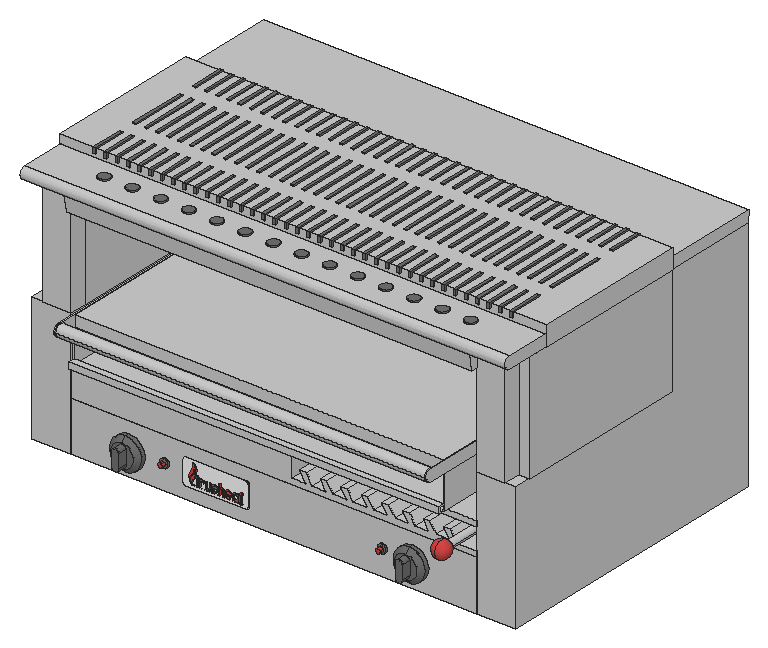
Revit family "QF_COMCATER ALL BRANDS_S86", category Specialty Equipment, Revit 2014
Parameters (values of type "S86_LPG")
  URL Cutsheet = ""
  URL = ""
  Type Comments = "The Australian owned and designed* Trueheat RC Series of Gas Cooking Equipment has been developed for the restaurant and cafe market with a high quality finish, designed to fulfill the busy demands within a commercial kitchen.\r\nThe S86 is a gas heated, heavy duty salamander with fully adjustable height cooking shelf. Two powerful 14MJ high speed gas burners radiate intense heat, which seals in the natural flavours to leave a grilled appearance on steaks, chicken, seafood and vegetable."
  Status [instance] = ""
  Specification by User [instance] = ""
  Specification by Manufacturer [instance] = ""
  Seismic Rating = ""
  SMACNA No = ""
  Revision Code [instance] = ""
  Nominal Gas power = 6200 W
  NAFEM Spec ID Number = ""
  Model = "S86"
  Mechanical Connection Type [instance] = " "
  Masterspec = ""
  Manufacturer = "TRUEHEAT"
  Length Actual = 860 mm
  Item Number [instance] = ""
  Installed By [instance] = ""
  Identify Quantity as Lot [instance] = no
  Height Actual = 440 mm
  Gas power kW = 6.2
  Gas Size Flexible = 0 mm
  Gas Size = 19.05 mm
  Gas RI Height [instance] = 0 mm
  Gas Flow = 0.0 L/s
  Gas Connection Height [instance] = 45 mm
  Furnished By [instance] = ""
  Foodservice Equipment Identifier [instance] = yes
  Description = "GAS SALAMANDER"
  Depth Actual = 515 mm
  CSI MasterFormat = ""
  BTUH = 6200 W
  Assembly Code = "E1090320"
  Accessory = no
Reference planes
  plane 1 "Center (Front/Back)": y = 0
  plane 2: z = 0
  plane 3 "Center (Left/Right)": x = 0
Forms (mm)
  Extrusion 1, solid
    sketch origin (560, 0, 45) x (1, 0, 0) y (0, 1, 0)
      loop
        line (0, 0) -> (2, 0) -> (2, 2) -> (0, 2) -> (0, 0)
    from 0 to 2
Dimensions and locks
  aligned and locked: level to plane 2
Nested families
  nested 1: "QF_COMCATER ALL BRANDS_S86_Natural Gas" at (0, 0, 0), type "S86_Natural Gas"
    with Show Logo yes, Show Clearance yes
Connectors
  piping at (561, 2, 46), diameter 19.05, driven by "Gas Size", driven by "Gas Flow"
    settings: on Extrusion 1, index 1, connector inside diameter 609.6 mm, connector length 0 mm, flow factor 0, pipe flow 0.0 L/s, pressure drop 0.0 Pa, fitting loss kfactor 0, connector angle 0.00°, fixture units 0, engagement length 0 mm, angle of deflection 0.00°, flow configuration 1, flow direction 1, fitting loss method 0, system type 22, joint type 0, gender type 0, connector reference index -1, connector utility 0, adjustable connector no, is connector primary yes, connector description "Gas connection for 'S86'"
Definition of nested family "QF_COMCATER ALL BRANDS_S86_Natural Gas"
  Parameters (values of type "S86_Natural Gas")
    URL = "www.comcater.com.au"
    Show Logo [instance] = yes
    Show Clearance [instance] = yes
    Model = "S86"
    Manufacturer = "TRUEHEAT"
    Description = "GAS SALAMANDER"
    Assembly Code = "E1090320"
  Reference planes
    plane 1 "Back": y = 0
    plane 2: z = 0
    plane 3 "Left": x = 0
    plane 4 "Right": x = 900
    plane 5 "Front": y = -515
    plane 6 "Top": z = 440
  Forms (mm)
    Extrusion 1, solid
      sketch origin (-160, -35, 0) x (0, 1, 0) y (0, 0, 1)
        loop
          line (-515, 0) -> (0, 0) -> (0, 420) -> (-170, 420) -> (-170, 225) -> (-515, 225) -> (-515, 0)
      from 180 to 250
    Extrusion 2, solid
      sketch origin (630, -35, 0) x (0, 1, 0) y (0, 0, 1)
        loop
          line (-515, 0) -> (0, 0) -> (0, 420) -> (-170, 420) -> (-170, 225) -> (-515, 225) -> (-515, 0)
      from 180 to 250
    Extrusion 3, solid
      sketch origin (20, -35, 0) x (0, 1, 0) y (0, 0, 1)
        loop
          line (-515, 90) -> (-515, 0) -> (0, 0) -> (0, 420) -> (-170, 420) -> (-170, 90) -> (-515, 90)
      from 790 to 70
    Extrusion 4, solid
      sketch origin (-280, -25, 45) x (1, 0, 0) y (0, 0, 1)
        loop
          circle (860, 0) r 9.3
      from 0 to 10
    Extrusion 5, solid
      sketch origin (20, -35, 0) x (0, 1, 0) y (0, 0, 1)
        loop
          line (0, 440) -> (-530, 440)
          arc (-530, 440) -> (-540, 430) -> (-530, 420) r 10
          line (-530, 420) -> (0, 420) -> (0, 440)
      from 0 to 860
    Extrusion 6, solid
      sketch origin (77.5, -34, -1) x (0, 1, 0) y (0, 0, 1)
        loop
          line (-450, 447.5) -> (-450, 455) -> (-392.5, 455) -> (-392.5, 457) -> (-452, 457) -> (-452, 447.5) -> (-450, 447.5)
      from 0 to 5
    Extrusion 7, solid
      sketch origin (97.5, -34, -1) x (0, 1, 0) y (0, 0, 1)
        loop
          line (-450, 447.5) -> (-450, 455) -> (-392.5, 455) -> (-392.5, 457) -> (-452, 457) -> (-452, 447.5) -> (-450, 447.5)
      from 0 to 5
    Extrusion 8, solid
      sketch origin (117.5, -34, -1) x (0, 1, 0) y (0, 0, 1)
        loop
          line (-450, 447.5) -> (-450, 455) -> (-392.5, 455) -> (-392.5, 457) -> (-452, 457) -> (-452, 447.5) -> (-450, 447.5)
      from 0 to 5
    Extrusion 9, solid
      sketch origin (137.5, -34, -1) x (0, 1, 0) y (0, 0, 1)
        loop
          line (-450, 447.5) -> (-450, 455) -> (-392.5, 455) -> (-392.5, 457) -> (-452, 457) -> (-452, 447.5) -> (-450, 447.5)
      from 0 to 5
    Extrusion 10, solid
      sketch origin (157.5, -34, -1) x (0, 1, 0) y (0, 0, 1)
        loop
          line (-450, 447.5) -> (-450, 455) -> (-392.5, 455) -> (-392.5, 457) -> (-452, 457) -> (-452, 447.5) -> (-450, 447.5)
      from 0 to 5
    Extrusion 11, solid
      sketch origin (177.5, -34, -1) x (0, 1, 0) y (0, 0, 1)
        loop
          line (-450, 447.5) -> (-450, 455) -> (-392.5, 455) -> (-392.5, 457) -> (-452, 457) -> (-452, 447.5) -> (-450, 447.5)
      from 0 to 5
    Extrusion 12, solid
      sketch origin (197.5, -34, -1) x (0, 1, 0) y (0, 0, 1)
        loop
          line (-450, 447.5) -> (-450, 455) -> (-392.5, 455) -> (-392.5, 457) -> (-452, 457) -> (-452, 447.5) -> (-450, 447.5)
      from 0 to 5
    Extrusion 13, solid
      sketch origin (217.5, -34, -1) x (0, 1, 0) y (0, 0, 1)
        loop
          line (-450, 447.5) -> (-450, 455) -> (-392.5, 455) -> (-392.5, 457) -> (-452, 457) -> (-452, 447.5) -> (-450, 447.5)
      from 0 to 5
    Extrusion 14, solid
      sketch origin (237.5, -34, -1) x (0, 1, 0) y (0, 0, 1)
        loop
          line (-450, 447.5) -> (-450, 455) -> (-392.5, 455) -> (-392.5, 457) -> (-452, 457) -> (-452, 447.5) -> (-450, 447.5)
      from 0 to 5
    Extrusion 15, solid
      sketch origin (257.5, -34, -1) x (0, 1, 0) y (0, 0, 1)
        loop
          line (-450, 447.5) -> (-450, 455) -> (-392.5, 455) -> (-392.5, 457) -> (-452, 457) -> (-452, 447.5) -> (-450, 447.5)
      from 0 to 5
    Extrusion 16, solid
      sketch origin (277.5, -34, -1) x (0, 1, 0) y (0, 0, 1)
        loop
          line (-450, 447.5) -> (-450, 455) -> (-392.5, 455) -> (-392.5, 457) -> (-452, 457) -> (-452, 447.5) -> (-450, 447.5)
      from 0 to 5
    Extrusion 17, solid
      sketch origin (297.5, -34, -1) x (0, 1, 0) y (0, 0, 1)
        loop
          line (-450, 447.5) -> (-450, 455) -> (-392.5, 455) -> (-392.5, 457) -> (-452, 457) -> (-452, 447.5) -> (-450, 447.5)
      from 0 to 5
    Extrusion 18, solid
      sketch origin (317.5, -34, -1) x (0, 1, 0) y (0, 0, 1)
        loop
          line (-450, 447.5) -> (-450, 455) -> (-392.5, 455) -> (-392.5, 457) -> (-452, 457) -> (-452, 447.5) -> (-450, 447.5)
      from 0 to 5
    Extrusion 19, solid
      sketch origin (337.5, -34, -1) x (0, 1, 0) y (0, 0, 1)
        loop
          line (-450, 447.5) -> (-450, 455) -> (-392.5, 455) -> (-392.5, 457) -> (-452, 457) -> (-452, 447.5) -> (-450, 447.5)
      from 0 to 5
    Extrusion 20, solid
      sketch origin (357.5, -34, -1) x (0, 1, 0) y (0, 0, 1)
        loop
          line (-450, 447.5) -> (-450, 455) -> (-392.5, 455) -> (-392.5, 457) -> (-452, 457) -> (-452, 447.5) -> (-450, 447.5)
      from 0 to 5
    Extrusion 21, solid
      sketch origin (377.5, -34, -1) x (0, 1, 0) y (0, 0, 1)
        loop
          line (-450, 447.5) -> (-450, 455) -> (-392.5, 455) -> (-392.5, 457) -> (-452, 457) -> (-452, 447.5) -> (-450, 447.5)
      from 0 to 5
    Extrusion 22, solid
      sketch origin (397.5, -34, -1) x (0, 1, 0) y (0, 0, 1)
        loop
          line (-450, 447.5) -> (-450, 455) -> (-392.5, 455) -> (-392.5, 457) -> (-452, 457) -> (-452, 447.5) -> (-450, 447.5)
      from 0 to 5
    Extrusion 23, solid
      sketch origin (417.5, -34, -1) x (0, 1, 0) y (0, 0, 1)
        loop
          line (-450, 447.5) -> (-450, 455) -> (-392.5, 455) -> (-392.5, 457) -> (-452, 457) -> (-452, 447.5) -> (-450, 447.5)
      from 0 to 5
    Extrusion 24, solid
      sketch origin (437.5, -34, -1) x (0, 1, 0) y (0, 0, 1)
        loop
          line (-450, 447.5) -> (-450, 455) -> (-392.5, 455) -> (-392.5, 457) -> (-452, 457) -> (-452, 447.5) -> (-450, 447.5)
      from 0 to 5
    Extrusion 25, solid
      sketch origin (457.5, -34, -1) x (0, 1, 0) y (0, 0, 1)
        loop
          line (-450, 447.5) -> (-450, 455) -> (-392.5, 455) -> (-392.5, 457) -> (-452, 457) -> (-452, 447.5) -> (-450, 447.5)
      from 0 to 5
    Extrusion 26, solid
      sketch origin (477.5, -34, -1) x (0, 1, 0) y (0, 0, 1)
        loop
          line (-450, 447.5) -> (-450, 455) -> (-392.5, 455) -> (-392.5, 457) -> (-452, 457) -> (-452, 447.5) -> (-450, 447.5)
      from 0 to 5
    Extrusion 27, solid
      sketch origin (497.5, -34, -1) x (0, 1, 0) y (0, 0, 1)
        loop
          line (-450, 447.5) -> (-450, 455) -> (-392.5, 455) -> (-392.5, 457) -> (-452, 457) -> (-452, 447.5) -> (-450, 447.5)
      from 0 to 5
    Extrusion 28, solid
      sketch origin (517.5, -34, -1) x (0, 1, 0) y (0, 0, 1)
        loop
          line (-450, 447.5) -> (-450, 455) -> (-392.5, 455) -> (-392.5, 457) -> (-452, 457) -> (-452, 447.5) -> (-450, 447.5)
      from 0 to 5
    Extrusion 29, solid
      sketch origin (537.5, -34, -1) x (0, 1, 0) y (0, 0, 1)
        loop
          line (-450, 447.5) -> (-450, 455) -> (-392.5, 455) -> (-392.5, 457) -> (-452, 457) -> (-452, 447.5) -> (-450, 447.5)
      from 0 to 5
    Extrusion 30, solid
      sketch origin (557.5, -34, -1) x (0, 1, 0) y (0, 0, 1)
        loop
          line (-450, 447.5) -> (-450, 455) -> (-392.5, 455) -> (-392.5, 457) -> (-452, 457) -> (-452, 447.5) -> (-450, 447.5)
      from 0 to 5
    Extrusion 31, solid
      sketch origin (577.5, -34, -1) x (0, 1, 0) y (0, 0, 1)
        loop
          line (-450, 447.5) -> (-450, 455) -> (-392.5, 455) -> (-392.5, 457) -> (-452, 457) -> (-452, 447.5) -> (-450, 447.5)
      from 0 to 5
    Extrusion 32, solid
      sketch origin (597.5, -34, -1) x (0, 1, 0) y (0, 0, 1)
        loop
          line (-450, 447.5) -> (-450, 455) -> (-392.5, 455) -> (-392.5, 457) -> (-452, 457) -> (-452, 447.5) -> (-450, 447.5)
      from 0 to 5
    Extrusion 33, solid
      sketch origin (617.5, -34, -1) x (0, 1, 0) y (0, 0, 1)
        loop
          line (-450, 447.5) -> (-450, 455) -> (-392.5, 455) -> (-392.5, 457) -> (-452, 457) -> (-452, 447.5) -> (-450, 447.5)
      from 0 to 5
    Extrusion 34, solid
      sketch origin (637.5, -34, -1) x (0, 1, 0) y (0, 0, 1)
        loop
          line (-450, 447.5) -> (-450, 455) -> (-392.5, 455) -> (-392.5, 457) -> (-452, 457) -> (-452, 447.5) -> (-450, 447.5)
      from 0 to 5
    Extrusion 35, solid
      sketch origin (657.5, -34, -1) x (0, 1, 0) y (0, 0, 1)
        loop
          line (-450, 447.5) -> (-450, 455) -> (-392.5, 455) -> (-392.5, 457) -> (-452, 457) -> (-452, 447.5) -> (-450, 447.5)
      from 0 to 5
    Extrusion 36, solid
      sketch origin (677.5, -34, -1) x (0, 1, 0) y (0, 0, 1)
        loop
          line (-450, 447.5) -> (-450, 455) -> (-392.5, 455) -> (-392.5, 457) -> (-452, 457) -> (-452, 447.5) -> (-450, 447.5)
      from 0 to 5
    Extrusion 37, solid
      sketch origin (697.5, -34, -1) x (0, 1, 0) y (0, 0, 1)
        loop
          line (-450, 447.5) -> (-450, 455) -> (-392.5, 455) -> (-392.5, 457) -> (-452, 457) -> (-452, 447.5) -> (-450, 447.5)
      from 0 to 5
    Extrusion 38, solid
      sketch origin (717.5, -34, -1) x (0, 1, 0) y (0, 0, 1)
        loop
          line (-450, 447.5) -> (-450, 455) -> (-392.5, 455) -> (-392.5, 457) -> (-452, 457) -> (-452, 447.5) -> (-450, 447.5)
      from 0 to 5
    Extrusion 39, solid
      sketch origin (737.5, -34, -1) x (0, 1, 0) y (0, 0, 1)
        loop
          line (-450, 447.5) -> (-450, 455) -> (-392.5, 455) -> (-392.5, 457) -> (-452, 457) -> (-452, 447.5) -> (-450, 447.5)
      from 0 to 5
    Extrusion 40, solid
      sketch origin (757.5, -34, -1) x (0, 1, 0) y (0, 0, 1)
        loop
          line (-450, 447.5) -> (-450, 455) -> (-392.5, 455) -> (-392.5, 457) -> (-452, 457) -> (-452, 447.5) -> (-450, 447.5)
      from 0 to 5
    Extrusion 41, solid
      sketch origin (777.5, -34, -1) x (0, 1, 0) y (0, 0, 1)
        loop
          line (-450, 447.5) -> (-450, 455) -> (-392.5, 455) -> (-392.5, 457) -> (-452, 457) -> (-452, 447.5) -> (-450, 447.5)
      from 0 to 5
    Extrusion 42, solid
      sketch origin (797.5, -34, -1) x (0, 1, 0) y (0, 0, 1)
        loop
          line (-450, 447.5) -> (-450, 455) -> (-392.5, 455) -> (-392.5, 457) -> (-452, 457) -> (-452, 447.5) -> (-450, 447.5)
      from 0 to 5
    Extrusion 43, solid
      sketch origin (817.5, -34, -1) x (0, 1, 0) y (0, 0, 1)
        loop
          line (-450, 447.5) -> (-450, 455) -> (-392.5, 455) -> (-392.5, 457) -> (-452, 457) -> (-452, 447.5) -> (-450, 447.5)
      from 0 to 5
    Extrusion 44, solid
      sketch origin (77.5, -656, -1) x (0, -1, 0) y (0, 0, -1)
        loop
          line (-450, -447.5) -> (-452, -447.5) -> (-452, -457) -> (-392.5, -457) -> (-392.5, -455) -> (-450, -455) -> (-450, -447.5)
      from 0 to 5
    Extrusion 45, solid
      sketch origin (97.5, -656, -1) x (0, -1, 0) y (0, 0, -1)
        loop
          line (-450, -447.5) -> (-452, -447.5) -> (-452, -457) -> (-392.5, -457) -> (-392.5, -455) -> (-450, -455) -> (-450, -447.5)
      from 0 to 5
    Extrusion 46, solid
      sketch origin (117.5, -656, -1) x (0, -1, 0) y (0, 0, -1)
        loop
          line (-450, -447.5) -> (-452, -447.5) -> (-452, -457) -> (-392.5, -457) -> (-392.5, -455) -> (-450, -455) -> (-450, -447.5)
      from 0 to 5
    Extrusion 47, solid
      sketch origin (137.5, -656, -1) x (0, -1, 0) y (0, 0, -1)
        loop
          line (-450, -447.5) -> (-452, -447.5) -> (-452, -457) -> (-392.5, -457) -> (-392.5, -455) -> (-450, -455) -> (-450, -447.5)
      from 0 to 5
    Extrusion 48, solid
      sketch origin (157.5, -656, -1) x (0, -1, 0) y (0, 0, -1)
        loop
          line (-450, -447.5) -> (-452, -447.5) -> (-452, -457) -> (-392.5, -457) -> (-392.5, -455) -> (-450, -455) -> (-450, -447.5)
      from 0 to 5
    Extrusion 49, solid
      sketch origin (177.5, -656, -1) x (0, -1, 0) y (0, 0, -1)
        loop
          line (-450, -447.5) -> (-452, -447.5) -> (-452, -457) -> (-392.5, -457) -> (-392.5, -455) -> (-450, -455) -> (-450, -447.5)
      from 0 to 5
    Extrusion 50, solid
      sketch origin (197.5, -656, -1) x (0, -1, 0) y (0, 0, -1)
        loop
          line (-450, -447.5) -> (-452, -447.5) -> (-452, -457) -> (-392.5, -457) -> (-392.5, -455) -> (-450, -455) -> (-450, -447.5)
      from 0 to 5
    Extrusion 51, solid
      sketch origin (217.5, -656, -1) x (0, -1, 0) y (0, 0, -1)
        loop
          line (-450, -447.5) -> (-452, -447.5) -> (-452, -457) -> (-392.5, -457) -> (-392.5, -455) -> (-450, -455) -> (-450, -447.5)
      from 0 to 5
    Extrusion 52, solid
      sketch origin (237.5, -656, -1) x (0, -1, 0) y (0, 0, -1)
        loop
          line (-450, -447.5) -> (-452, -447.5) -> (-452, -457) -> (-392.5, -457) -> (-392.5, -455) -> (-450, -455) -> (-450, -447.5)
      from 0 to 5
    Extrusion 53, solid
      sketch origin (257.5, -656, -1) x (0, -1, 0) y (0, 0, -1)
        loop
          line (-450, -447.5) -> (-452, -447.5) -> (-452, -457) -> (-392.5, -457) -> (-392.5, -455) -> (-450, -455) -> (-450, -447.5)
      from 0 to 5
    Extrusion 54, solid
      sketch origin (277.5, -656, -1) x (0, -1, 0) y (0, 0, -1)
        loop
          line (-450, -447.5) -> (-452, -447.5) -> (-452, -457) -> (-392.5, -457) -> (-392.5, -455) -> (-450, -455) -> (-450, -447.5)
      from 0 to 5
    Extrusion 55, solid
      sketch origin (297.5, -656, -1) x (0, -1, 0) y (0, 0, -1)
        loop
          line (-450, -447.5) -> (-452, -447.5) -> (-452, -457) -> (-392.5, -457) -> (-392.5, -455) -> (-450, -455) -> (-450, -447.5)
      from 0 to 5
    Extrusion 56, solid
      sketch origin (317.5, -656, -1) x (0, -1, 0) y (0, 0, -1)
        loop
          line (-450, -447.5) -> (-452, -447.5) -> (-452, -457) -> (-392.5, -457) -> (-392.5, -455) -> (-450, -455) -> (-450, -447.5)
      from 0 to 5
    Extrusion 57, solid
      sketch origin (337.5, -656, -1) x (0, -1, 0) y (0, 0, -1)
        loop
          line (-450, -447.5) -> (-452, -447.5) -> (-452, -457) -> (-392.5, -457) -> (-392.5, -455) -> (-450, -455) -> (-450, -447.5)
      from 0 to 5
    Extrusion 58, solid
      sketch origin (357.5, -656, -1) x (0, -1, 0) y (0, 0, -1)
        loop
          line (-450, -447.5) -> (-452, -447.5) -> (-452, -457) -> (-392.5, -457) -> (-392.5, -455) -> (-450, -455) -> (-450, -447.5)
      from 0 to 5
    Extrusion 59, solid
      sketch origin (377.5, -656, -1) x (0, -1, 0) y (0, 0, -1)
        loop
          line (-450, -447.5) -> (-452, -447.5) -> (-452, -457) -> (-392.5, -457) -> (-392.5, -455) -> (-450, -455) -> (-450, -447.5)
      from 0 to 5
    Extrusion 60, solid
      sketch origin (397.5, -656, -1) x (0, -1, 0) y (0, 0, -1)
        loop
          line (-450, -447.5) -> (-452, -447.5) -> (-452, -457) -> (-392.5, -457) -> (-392.5, -455) -> (-450, -455) -> (-450, -447.5)
      from 0 to 5
    Extrusion 61, solid
      sketch origin (417.5, -656, -1) x (0, -1, 0) y (0, 0, -1)
        loop
          line (-450, -447.5) -> (-452, -447.5) -> (-452, -457) -> (-392.5, -457) -> (-392.5, -455) -> (-450, -455) -> (-450, -447.5)
      from 0 to 5
    Extrusion 62, solid
      sketch origin (437.5, -656, -1) x (0, -1, 0) y (0, 0, -1)
        loop
          line (-450, -447.5) -> (-452, -447.5) -> (-452, -457) -> (-392.5, -457) -> (-392.5, -455) -> (-450, -455) -> (-450, -447.5)
      from 0 to 5
    Extrusion 63, solid
      sketch origin (457.5, -656, -1) x (0, -1, 0) y (0, 0, -1)
        loop
          line (-450, -447.5) -> (-452, -447.5) -> (-452, -457) -> (-392.5, -457) -> (-392.5, -455) -> (-450, -455) -> (-450, -447.5)
      from 0 to 5
    Extrusion 64, solid
      sketch origin (477.5, -656, -1) x (0, -1, 0) y (0, 0, -1)
        loop
          line (-450, -447.5) -> (-452, -447.5) -> (-452, -457) -> (-392.5, -457) -> (-392.5, -455) -> (-450, -455) -> (-450, -447.5)
      from 0 to 5
    Extrusion 65, solid
      sketch origin (497.5, -656, -1) x (0, -1, 0) y (0, 0, -1)
        loop
          line (-450, -447.5) -> (-452, -447.5) -> (-452, -457) -> (-392.5, -457) -> (-392.5, -455) -> (-450, -455) -> (-450, -447.5)
      from 0 to 5
    Extrusion 66, solid
      sketch origin (517.5, -656, -1) x (0, -1, 0) y (0, 0, -1)
        loop
          line (-450, -447.5) -> (-452, -447.5) -> (-452, -457) -> (-392.5, -457) -> (-392.5, -455) -> (-450, -455) -> (-450, -447.5)
      from 0 to 5
    Extrusion 67, solid
      sketch origin (537.5, -656, -1) x (0, -1, 0) y (0, 0, -1)
        loop
          line (-450, -447.5) -> (-452, -447.5) -> (-452, -457) -> (-392.5, -457) -> (-392.5, -455) -> (-450, -455) -> (-450, -447.5)
      from 0 to 5
    Extrusion 68, solid
      sketch origin (557.5, -656, -1) x (0, -1, 0) y (0, 0, -1)
        loop
          line (-450, -447.5) -> (-452, -447.5) -> (-452, -457) -> (-392.5, -457) -> (-392.5, -455) -> (-450, -455) -> (-450, -447.5)
      from 0 to 5
    Extrusion 69, solid
      sketch origin (577.5, -656, -1) x (0, -1, 0) y (0, 0, -1)
        loop
          line (-450, -447.5) -> (-452, -447.5) -> (-452, -457) -> (-392.5, -457) -> (-392.5, -455) -> (-450, -455) -> (-450, -447.5)
      from 0 to 5
    Extrusion 70, solid
      sketch origin (597.5, -656, -1) x (0, -1, 0) y (0, 0, -1)
        loop
          line (-450, -447.5) -> (-452, -447.5) -> (-452, -457) -> (-392.5, -457) -> (-392.5, -455) -> (-450, -455) -> (-450, -447.5)
      from 0 to 5
    Extrusion 71, solid
      sketch origin (617.5, -656, -1) x (0, -1, 0) y (0, 0, -1)
        loop
          line (-450, -447.5) -> (-452, -447.5) -> (-452, -457) -> (-392.5, -457) -> (-392.5, -455) -> (-450, -455) -> (-450, -447.5)
      from 0 to 5
    Extrusion 72, solid
      sketch origin (637.5, -656, -1) x (0, -1, 0) y (0, 0, -1)
        loop
          line (-450, -447.5) -> (-452, -447.5) -> (-452, -457) -> (-392.5, -457) -> (-392.5, -455) -> (-450, -455) -> (-450, -447.5)
      from 0 to 5
    Extrusion 73, solid
      sketch origin (657.5, -656, -1) x (0, -1, 0) y (0, 0, -1)
        loop
          line (-450, -447.5) -> (-452, -447.5) -> (-452, -457) -> (-392.5, -457) -> (-392.5, -455) -> (-450, -455) -> (-450, -447.5)
      from 0 to 5
    Extrusion 74, solid
      sketch origin (677.5, -656, -1) x (0, -1, 0) y (0, 0, -1)
        loop
          line (-450, -447.5) -> (-452, -447.5) -> (-452, -457) -> (-392.5, -457) -> (-392.5, -455) -> (-450, -455) -> (-450, -447.5)
      from 0 to 5
    Extrusion 75, solid
      sketch origin (697.5, -656, -1) x (0, -1, 0) y (0, 0, -1)
        loop
          line (-450, -447.5) -> (-452, -447.5) -> (-452, -457) -> (-392.5, -457) -> (-392.5, -455) -> (-450, -455) -> (-450, -447.5)
      from 0 to 5
    Extrusion 76, solid
      sketch origin (717.5, -656, -1) x (0, -1, 0) y (0, 0, -1)
        loop
          line (-450, -447.5) -> (-452, -447.5) -> (-452, -457) -> (-392.5, -457) -> (-392.5, -455) -> (-450, -455) -> (-450, -447.5)
      from 0 to 5
    Extrusion 77, solid
      sketch origin (737.5, -656, -1) x (0, -1, 0) y (0, 0, -1)
        loop
          line (-450, -447.5) -> (-452, -447.5) -> (-452, -457) -> (-392.5, -457) -> (-392.5, -455) -> (-450, -455) -> (-450, -447.5)
      from 0 to 5
    Extrusion 78, solid
      sketch origin (757.5, -656, -1) x (0, -1, 0) y (0, 0, -1)
        loop
          line (-450, -447.5) -> (-452, -447.5) -> (-452, -457) -> (-392.5, -457) -> (-392.5, -455) -> (-450, -455) -> (-450, -447.5)
      from 0 to 5
    Extrusion 79, solid
      sketch origin (777.5, -656, -1) x (0, -1, 0) y (0, 0, -1)
        loop
          line (-450, -447.5) -> (-452, -447.5) -> (-452, -457) -> (-392.5, -457) -> (-392.5, -455) -> (-450, -455) -> (-450, -447.5)
      from 0 to 5
    Extrusion 80, solid
      sketch origin (797.5, -656, -1) x (0, -1, 0) y (0, 0, -1)
        loop
          line (-450, -447.5) -> (-452, -447.5) -> (-452, -457) -> (-392.5, -457) -> (-392.5, -455) -> (-450, -455) -> (-450, -447.5)
      from 0 to 5
    Extrusion 81, solid
      sketch origin (817.5, -656, -1) x (0, -1, 0) y (0, 0, -1)
        loop
          line (-450, -447.5) -> (-452, -447.5) -> (-452, -457) -> (-392.5, -457) -> (-392.5, -455) -> (-450, -455) -> (-450, -447.5)
      from 0 to 5
    Extrusion 82, solid
      sketch origin (20, -35, 0) x (1, 0, 0) y (0, 1, 0)
        loop
          line (57.5, -258.5) -> (57.5, -361.5) -> (62.5, -361.5) -> (62.5, -258.5) -> (57.5, -258.5)
        loop
          line (77.5, -258.5) -> (77.5, -361.5) -> (82.5, -361.5) -> (82.5, -258.5) -> (77.5, -258.5)
        loop
          line (97.5, -258.5) -> (97.5, -361.5) -> (102.5, -361.5) -> (102.5, -258.5) -> (97.5, -258.5)
        loop
          line (117.5, -258.5) -> (117.5, -361.5) -> (122.5, -361.5) -> (122.5, -258.5) -> (117.5, -258.5)
        loop
          line (137.5, -258.5) -> (137.5, -361.5) -> (142.5, -361.5) -> (142.5, -258.5) -> (137.5, -258.5)
        loop
          line (157.5, -258.5) -> (157.5, -361.5) -> (162.5, -361.5) -> (162.5, -258.5) -> (157.5, -258.5)
        loop
          line (177.5, -258.5) -> (177.5, -361.5) -> (182.5, -361.5) -> (182.5, -258.5) -> (177.5, -258.5)
        loop
          line (197.5, -258.5) -> (197.5, -361.5) -> (202.5, -361.5) -> (202.5, -258.5) -> (197.5, -258.5)
        loop
          line (217.5, -258.5) -> (217.5, -361.5) -> (222.5, -361.5) -> (222.5, -258.5) -> (217.5, -258.5)
        loop
          line (237.5, -258.5) -> (237.5, -361.5) -> (242.5, -361.5) -> (242.5, -258.5) -> (237.5, -258.5)
        loop
          line (257.5, -258.5) -> (257.5, -361.5) -> (262.5, -361.5) -> (262.5, -258.5) -> (257.5, -258.5)
        loop
          line (277.5, -258.5) -> (277.5, -361.5) -> (282.5, -361.5) -> (282.5, -258.5) -> (277.5, -258.5)
        loop
          line (297.5, -258.5) -> (297.5, -361.5) -> (302.5, -361.5) -> (302.5, -258.5) -> (297.5, -258.5)
        loop
          line (317.5, -258.5) -> (317.5, -361.5) -> (322.5, -361.5) -> (322.5, -258.5) -> (317.5, -258.5)
        loop
          line (337.5, -258.5) -> (337.5, -361.5) -> (342.5, -361.5) -> (342.5, -258.5) -> (337.5, -258.5)
        loop
          line (357.5, -258.5) -> (357.5, -361.5) -> (362.5, -361.5) -> (362.5, -258.5) -> (357.5, -258.5)
        loop
          line (377.5, -258.5) -> (377.5, -361.5) -> (382.5, -361.5) -> (382.5, -258.5) -> (377.5, -258.5)
        loop
          line (397.5, -258.5) -> (397.5, -361.5) -> (402.5, -361.5) -> (402.5, -258.5) -> (397.5, -258.5)
        loop
          line (417.5, -258.5) -> (417.5, -361.5) -> (422.5, -361.5) -> (422.5, -258.5) -> (417.5, -258.5)
        loop
          line (437.5, -258.5) -> (437.5, -361.5) -> (442.5, -361.5) -> (442.5, -258.5) -> (437.5, -258.5)
        loop
          line (457.5, -258.5) -> (457.5, -361.5) -> (462.5, -361.5) -> (462.5, -258.5) -> (457.5, -258.5)
        loop
          line (477.5, -258.5) -> (477.5, -361.5) -> (482.5, -361.5) -> (482.5, -258.5) -> (477.5, -258.5)
        loop
          line (497.5, -258.5) -> (497.5, -361.5) -> (502.5, -361.5) -> (502.5, -258.5) -> (497.5, -258.5)
        loop
          line (517.5, -258.5) -> (517.5, -361.5) -> (522.5, -361.5) -> (522.5, -258.5) -> (517.5, -258.5)
        loop
          line (537.5, -258.5) -> (537.5, -361.5) -> (542.5, -361.5) -> (542.5, -258.5) -> (537.5, -258.5)
        loop
          line (557.5, -258.5) -> (557.5, -361.5) -> (562.5, -361.5) -> (562.5, -258.5) -> (557.5, -258.5)
        loop
          line (577.5, -258.5) -> (577.5, -361.5) -> (582.5, -361.5) -> (582.5, -258.5) -> (577.5, -258.5)
        loop
          line (597.5, -258.5) -> (597.5, -361.5) -> (602.5, -361.5) -> (602.5, -258.5) -> (597.5, -258.5)
        loop
          line (617.5, -258.5) -> (617.5, -361.5) -> (622.5, -361.5) -> (622.5, -258.5) -> (617.5, -258.5)
        loop
          line (637.5, -258.5) -> (637.5, -361.5) -> (642.5, -361.5) -> (642.5, -258.5) -> (637.5, -258.5)
        loop
          line (657.5, -258.5) -> (657.5, -361.5) -> (662.5, -361.5) -> (662.5, -258.5) -> (657.5, -258.5)
        loop
          line (677.5, -258.5) -> (677.5, -361.5) -> (682.5, -361.5) -> (682.5, -258.5) -> (677.5, -258.5)
        loop
          line (697.5, -258.5) -> (697.5, -361.5) -> (702.5, -361.5) -> (702.5, -258.5) -> (697.5, -258.5)
        loop
          line (717.5, -258.5) -> (717.5, -361.5) -> (722.5, -361.5) -> (722.5, -258.5) -> (717.5, -258.5)
        loop
          line (737.5, -258.5) -> (737.5, -361.5) -> (742.5, -361.5) -> (742.5, -258.5) -> (737.5, -258.5)
        loop
          line (757.5, -258.5) -> (757.5, -361.5) -> (762.5, -361.5) -> (762.5, -258.5) -> (757.5, -258.5)
        loop
          line (777.5, -258.5) -> (777.5, -361.5) -> (782.5, -361.5) -> (782.5, -258.5) -> (777.5, -258.5)
        loop
          line (797.5, -258.5) -> (797.5, -361.5) -> (802.5, -361.5) -> (802.5, -258.5) -> (797.5, -258.5)
      from 454 to 456
    Extrusion 83, solid
      sketch origin (20, -35, 0) x (1, 0, 0) y (0, 0, 1)
        loop
          line (70, 225) -> (70, 420) -> (20, 420) -> (20, 225) -> (70, 225)
      from 515 to 485
    Extrusion 84, solid
      sketch origin (20, -35, 0) x (0, 1, 0) y (0, 0, 1)
        loop
          line (-485, 420) -> (-485, 225) -> (-170, 225) -> (-170, 420) -> (-485, 420)
      from 0 to 70
    Extrusion 85, solid
      sketch origin (810, -35, 0) x (1, 0, 0) y (0, 0, 1)
        loop
          line (50, 225) -> (50, 420) -> (0, 420) -> (0, 225) -> (50, 225)
      from 515 to 485
    Extrusion 86, solid
      sketch origin (810, -35, 0) x (0, 1, 0) y (0, 0, 1)
        loop
          line (-485, 420) -> (-485, 225) -> (-170, 225) -> (-170, 420) -> (-485, 420)
      from 0 to 70
    Revolve 87, solid
      sketch origin (198.337, 229, -530.513) x (0, 1, 0) y (0, 0, -1)
        loop
          line (-786.003, -575.513) -> (-786.003, -547.176) -> (-793.012, -547.176) -> (-801, -555.163) -> (-801, -575.513) -> (-786.003, -575.513)
        axis (-786.003, -575.513) -> (-801, -575.513)
      angle from 0 to 360
    Extrusion 88, solid
      sketch origin (571.018, -559, -1455.178) x (0.707107, 0, -0.707107) y (-0.707107, 0, -0.707107)
        loop
          line (-1328.297, -810.227) -> (-1311.344, -793.275)
          arc (-1311.344, -793.275) -> (-1311.344, -784.294) -> (-1320.325, -784.294) r 6.35
          line (-1320.325, -784.294) -> (-1337.277, -801.247)
          arc (-1337.277, -801.247) -> (-1337.277, -810.227) -> (-1328.297, -810.227) r 6.35
      from -13 to -28
    Extrusion 89, solid
      sketch origin (90, 216, -721.25) x (1, 0, 0) y (0, 0, 1)
        loop
          circle (108.338, 766.25) r 8
      from 766 to 773.003
    Revolve 90, solid
      sketch origin (256.663, 213, -97.627) x (0, 1, 0) y (0, 0, -1)
        loop
          line (-763, -142.627) -> (-767, -142.627) -> (-767, -146.627) -> (-765.011, -150.127) -> (-763, -150.127) -> (-763, -142.627)
        axis (-767, -142.627) -> (-763, -142.627)
      angle from 0 to 360
    Extrusion 91, solid
      sketch origin (256.663, 213, -97.627) x (-1, 0, 0) y (0, 0, -1)
        loop
          circle (0, -142.627) r 4
      from 772.997 to 767
    Revolve 92, solid
      sketch origin (701.663, 229, -530.513) x (0, 1, 0) y (0, 0, 1)
        loop
          line (-786.003, 575.513) -> (-801, 575.513) -> (-801, 555.163) -> (-793.012, 547.176) -> (-786.003, 547.176) -> (-786.003, 575.513)
        axis (-786.003, 575.513) -> (-801, 575.513)
      angle from 0 to 360
    Extrusion 93, solid
      sketch origin (328.982, -559, -1455.178) x (-0.707107, 0, -0.707107) y (-0.707107, 0, 0.707107)
        loop
          arc (-1328.297, 810.227) -> (-1337.277, 810.227) -> (-1337.277, 801.247) r 6.35
          line (-1337.277, 801.247) -> (-1320.325, 784.294)
          arc (-1320.325, 784.294) -> (-1311.344, 784.294) -> (-1311.344, 793.275) r 6.35
          line (-1311.344, 793.275) -> (-1328.297, 810.227)
      from -13 to -28
    Extrusion 94, solid
      sketch origin (810, 216, -721.25) x (-1, 0, 0) y (0, 0, -1)
        loop
          circle (108.338, -766.25) r 8
      from 766 to 773.003
    Revolve 95, solid
      sketch origin (643.337, 213, -97.627) x (0, 1, 0) y (0, 0, 1)
        loop
          line (-763, 142.627) -> (-763, 150.127) -> (-765.011, 150.127) -> (-767, 146.627) -> (-767, 142.627) -> (-763, 142.627)
        axis (-767, 142.627) -> (-763, 142.627)
      angle from 0 to 360
    Extrusion 96, solid
      sketch origin (643.337, 213, -97.627) x (1, 0, 0) y (0, 0, 1)
        loop
          circle (0, 142.627) r 4
      from 772.997 to 767
    Extrusion 97, solid, visible <- "Show Logo"
      sketch origin (295.627, -550, -145.892) x (1, 0, 0) y (0, 0, 1)
        loop
          line (98.5, 191.841) -> (96.5, 191.841) -> (96.5, 189.798) -> (95.026, 189.798) -> (95.026, 187.798) -> (96.5, 187.798) -> (96.5, 175.237) -> (98.5, 175.237) -> (98.5, 187.798) -> (100, 187.798) -> (100, 189.798) -> (98.5, 189.798) -> (98.5, 191.841)
        loop
          line (94, 187.798) -> (92, 187.798) -> (92, 186.56)
          arc (92, 186.56) -> (81.976, 181.518) -> (92, 176.475) r 6.28
          line (92, 176.475) -> (92, 175.237) -> (94, 175.237) -> (94, 187.798)
        loop
          arc (92, 183.592) -> (83.976, 181.518) -> (92, 179.443) r 4.28
          line (92, 179.443) -> (92, 183.592)
        loop
          line (65.446, 184.298) -> (65.446, 175.237) -> (67.446, 175.237) -> (67.446, 184.729)
          arc (67.446, 184.729) -> (64.497, 187.542) -> (60.446, 187.101) r 4.833
          line (60.446, 187.101) -> (60.446, 191.841) -> (58.446, 191.841) -> (58.446, 175.237) -> (60.446, 175.237) -> (60.446, 184.298)
          arc (60.446, 184.298) -> (62.946, 185.798) -> (65.446, 184.298) r 2.833
        loop
          arc (80.998, 181.518) -> (69.107, 184.34) -> (78.461, 176.475) r 6.28
          line (78.461, 176.475) -> (77.269, 178.081)
          arc (77.269, 178.081) -> (72.794, 177.694) -> (70.437, 181.518) r 4.28
          line (70.437, 181.518) -> (80.998, 181.518)
        loop
          arc (78.502, 183.518) -> (74.717, 185.798) -> (70.933, 183.518) r 4.28
          line (70.933, 183.518) -> (78.502, 183.518)
      from 0 to 2
    Extrusion 98, solid, visible <- "Show Logo"
      sketch origin (279.773, -550, -145.892) x (1, 0, 0) y (0, 0, 1)
        loop
          arc (70.804, 183.518) -> (67.02, 185.798) -> (63.236, 183.518) r 4.28
          line (63.236, 183.518) -> (70.804, 183.518)
        loop
          arc (73.3, 181.518) -> (61.409, 184.34) -> (70.764, 176.475) r 6.28
          line (70.764, 176.475) -> (69.572, 178.081)
          arc (69.572, 178.081) -> (65.096, 177.694) -> (62.74, 181.518) r 4.28
          line (62.74, 181.518) -> (73.3, 181.518)
        loop
          line (34.617, 191.841) -> (34.617, 189.798) -> (33.143, 189.798) -> (33.143, 187.798) -> (34.617, 187.798) -> (34.617, 175.237) -> (36.617, 175.237) -> (36.617, 187.798) -> (38.117, 187.798) -> (38.117, 189.798) -> (36.617, 189.798) -> (36.617, 191.841) -> (34.617, 191.841)
        loop
          arc (57.696, 178.737) -> (55.196, 177.237) -> (52.696, 178.737) r 2.833
          line (52.696, 178.737) -> (52.696, 187.798) -> (50.696, 187.798) -> (50.696, 178.307)
          arc (50.696, 178.307) -> (55.196, 175.237) -> (59.696, 178.307) r 4.833
          line (59.696, 178.307) -> (59.696, 187.798) -> (57.696, 187.798) -> (57.696, 178.737)
        loop
          line (41.117, 186.56) -> (41.117, 187.798) -> (39.117, 187.798) -> (39.117, 175.237) -> (41.117, 175.237) -> (41.117, 183.592)
          arc (41.117, 183.592) -> (44.587, 185.789) -> (48.31, 184.053) r 4.28
          line (48.31, 184.053) -> (49.735, 185.478)
          arc (49.735, 185.478) -> (45.643, 187.749) -> (41.117, 186.56) r 6.28
      from 0 to 2
    Extrusion 99, solid, visible <- "Show Logo"
      sketch origin (265.627, -549.5, -148.154) x (1, 0, 0) y (0, 0, 1)
        loop
          line (130, 176.5) -> (40, 176.5) -> (40, 175.5) -> (130, 175.5) -> (130, 176.5)
        loop
          arc (40, 177.5) -> (40.603, 181.061) -> (42.43, 184.177) r 10.013
          arc (42.43, 184.177) -> (44.457, 187.03) -> (45.914, 190.212) r 18.627
          arc (45.914, 190.212) -> (46.43, 193.956) -> (45.458, 197.608) r 9.58
          arc (45.458, 197.608) -> (44.352, 194.23) -> (41.979, 191.583) r 8.629
          arc (41.979, 191.583) -> (38.017, 184.959) -> (40, 177.5) r 9.924
        loop
          arc (39.054, 199.801) -> (35.351, 191.043) -> (36.701, 181.631) r 17.746
          arc (36.701, 181.631) -> (36.715, 187.191) -> (39.483, 192.014) r 10.848
          arc (39.483, 192.014) -> (42.461, 196.051) -> (44.165, 200.77) r 17.413
          arc (44.165, 200.77) -> (46.042, 199.588) -> (47.328, 197.781) r 5.718
          arc (47.328, 197.781) -> (46.772, 205.563) -> (40.995, 210.808) r 10.489
          arc (40.995, 210.808) -> (41.42, 205.059) -> (39.054, 199.801) r 11.727
      from 0 to 2
    Extrusion 100, solid, visible <- "Show Logo"
      sketch origin (265.627, -549, -148.154) x (1, 0, 0) y (0, 0, 1)
        loop
          line (29.373, 170.5) -> (135, 170.5)
          arc (135, 170.5) -> (138.536, 171.964) -> (140, 175.5) r 5
          line (140, 175.5) -> (140, 210.808)
          arc (140, 210.808) -> (138.536, 214.344) -> (135, 215.808) r 5
          line (135, 215.808) -> (29.373, 215.808)
          arc (29.373, 215.808) -> (25.837, 214.344) -> (24.373, 210.808) r 5
          line (24.373, 210.808) -> (24.373, 175.5)
          arc (24.373, 175.5) -> (25.837, 171.964) -> (29.373, 170.5) r 5
      from 0 to 2
    Extrusion 101, solid
      sketch origin (125, -35, 439) x (1, 0, 0) y (0, 1, 0)
        loop
          circle (0, -485) r 10
      from 0 to 2
    Extrusion 102, solid
      sketch origin (175, -35, 439) x (1, 0, 0) y (0, 1, 0)
        loop
          circle (0, -485) r 10
      from 0 to 2
    Extrusion 103, solid
      sketch origin (225, -35, 439) x (1, 0, 0) y (0, 1, 0)
        loop
          circle (0, -485) r 10
      from 0 to 2
    Extrusion 104, solid
      sketch origin (275, -35, 439) x (1, 0, 0) y (0, 1, 0)
        loop
          circle (0, -485) r 10
      from 0 to 2
    Extrusion 105, solid
      sketch origin (325, -35, 439) x (1, 0, 0) y (0, 1, 0)
        loop
          circle (0, -485) r 10
      from 0 to 2
    Extrusion 106, solid
      sketch origin (375, -35, 439) x (1, 0, 0) y (0, 1, 0)
        loop
          circle (0, -485) r 10
      from 0 to 2
    Extrusion 107, solid
      sketch origin (425, -35, 439) x (1, 0, 0) y (0, 1, 0)
        loop
          circle (0, -485) r 10
      from 0 to 2
    Extrusion 108, solid
      sketch origin (475, -35, 439) x (1, 0, 0) y (0, 1, 0)
        loop
          circle (0, -485) r 10
      from 0 to 2
    Extrusion 109, solid
      sketch origin (525, -35, 439) x (1, 0, 0) y (0, 1, 0)
        loop
          circle (0, -485) r 10
      from 0 to 2
    Extrusion 110, solid
      sketch origin (575, -35, 439) x (1, 0, 0) y (0, 1, 0)
        loop
          circle (0, -485) r 10
      from 0 to 2
    Extrusion 111, solid
      sketch origin (625, -35, 439) x (1, 0, 0) y (0, 1, 0)
        loop
          circle (0, -485) r 10
      from 0 to 2
    Extrusion 112, solid
      sketch origin (675, -35, 439) x (1, 0, 0) y (0, 1, 0)
        loop
          circle (0, -485) r 10
      from 0 to 2
    Extrusion 113, solid
      sketch origin (725, -35, 439) x (1, 0, 0) y (0, 1, 0)
        loop
          circle (0, -485) r 10
      from 0 to 2
    Extrusion 114, solid
      sketch origin (775, -35, 439) x (1, 0, 0) y (0, 1, 0)
        loop
          circle (0, -485) r 10
      from 0 to 2
    Extrusion 115, solid
      sketch origin (20, -35, 0) x (1, 0, 0) y (0, 0, 1)
        loop
          line (70, 90) -> (790, 90) -> (790, 100) -> (753.453, 100) -> (743.453, 117.321) -> (731.906, 117.321) -> (741.906, 100) -> (716.953, 100) -> (706.953, 117.321) -> (695.406, 117.321) -> (705.406, 100) -> (680.453, 100) -> (670.453, 117.321) -> (658.906, 117.321) -> (668.906, 100) -> (643.953, 100) -> (633.953, 117.321) -> (622.406, 117.321) -> (632.406, 100) -> (607.453, 100) -> (597.453, 117.321) -> (585.906, 117.321) -> (595.906, 100) -> (570.953, 100) -> (560.953, 117.321) -> (549.406, 117.321) -> (559.406, 100) -> (534.453, 100) -> (524.453, 117.321) -> (512.906, 117.321) -> (522.906, 100) -> (497.953, 100) -> (487.953, 117.321) -> (476.406, 117.321) -> (486.406, 100) -> (461.406, 100) -> (461.406, 137.5) -> (790, 137.5) -> (790, 147.5) -> (70, 147.5) -> (70, 90)
      from 515 to 170
    Extrusion 116, solid
      sketch origin (23.959, -35, 7) x (1, 0, 0) y (0, 0, 1)
        loop
          circle (753.453, 100) r 7
      from 552 to 170
    Revolve 117, solid
      sketch origin (777.611, -35, 0) x (0, 1, 0) y (0, 0, 1)
        loop
          arc (-552, 122) -> (-567, 107) -> (-552, 92) r 15
          line (-552, 92) -> (-552, 122)
        axis (-552, 92) -> (-552, 122)
      angle from 0 to 360
    Extrusion 118, solid
      sketch origin (20, -35, 0) x (1, 0, 0) y (0, 0, 1)
        loop
          line (0, 440) -> (860, 440) -> (860, 420) -> (862, 420) -> (862, 455) -> (-2, 455) -> (-2, 420) -> (0, 420) -> (0, 440)
      from 450 to 170
    Extrusion 119, solid
      sketch origin (20, -35, 0) x (0, 1, 0) y (0, 0, 1)
        loop
          line (-170, 420) -> (-530, 420) -> (-525, 390) -> (-170, 390) -> (-170, 420)
      from 790 to 70
    Extrusion 120, solid
      sketch origin (20, -35, -192.5) x (0, 1, 0) y (0, 0, 1)
        loop
          line (-170, 440) -> (-580, 440)
          arc (-580, 440) -> (-590, 430) -> (-580, 420) r 10
          line (-580, 420) -> (-170, 420) -> (-170, 440)
      from 100 to 102
    Extrusion 121, solid
      sketch origin (20, -35, 0) x (1, 0, 0) y (0, 0, 1)
        loop
          line (100, 227.5) -> (100, 167.5) -> (102, 167.5) -> (102, 227.5) -> (100, 227.5)
        loop
          line (760, 227.5) -> (758, 227.5) -> (758, 167.5) -> (760, 167.5) -> (760, 227.5)
      from 547.5 to 170
    Extrusion 122, solid
      sketch origin (20, -35, 0) x (0, 1, 0) y (0, 0, 1)
        loop
          line (-170, 167.5) -> (-170, 169.5) -> (-557.5, 169.5) -> (-557.5, 175.5) -> (-547.5, 175.5) -> (-547.5, 177.5) -> (-560, 177.5) -> (-560, 167.5) -> (-170, 167.5)
      from 758 to 102
    Extrusion 123, solid
      sketch origin (20, -35, 0) x (0, 1, 0) y (0, 0, 1)
        loop
          circle (-580, 237.5) r 10
      from 758 to 102
    Extrusion 124, solid
      sketch origin (20, -35, 0) x (0, 1, 0) y (0, 0, 1)
        loop
          line (-170, 247.5) -> (-547.5, 247.5) -> (-547.5, 227.5) -> (-170, 227.5) -> (-170, 247.5)
      from 758 to 102
    Extrusion 125, solid
      sketch origin (678, -35, -192.5) x (0, 1, 0) y (0, 0, 1)
        loop
          line (-170, 440) -> (-580, 440)
          arc (-580, 440) -> (-590, 430) -> (-580, 420) r 10
          line (-580, 420) -> (-170, 420) -> (-170, 440)
      from 100 to 102
  Lines and regions (mm)
    symbolic lines, style "200-EquipBorder-2D"
      curve 1: line (20, -35, 0) -> (880, -35, 0)
      curve 2: line (880, -35, 0) -> (880, -575, 0)
      curve 3: line (880, -575, 0) -> (20, -575, 0)
      curve 4: line (20, -575, 0) -> (20, -35, 0)
      curve 5: line (120, -625, 0) -> (120, -575, 0)
      curve 6: line (120, -625, 0) -> (780, -625, 0)
      curve 7: line (780, -625, 0) -> (780, -575, 0)
      curve 290: line (122, -625, 0) -> (122, -575, 0)
      curve 291: line (122, -605, 0) -> (778, -605, 0)
      curve 292: line (778, -625, 0) -> (778, -575, 0)
      curve 293: line (122, -582.5, 0) -> (778, -582.5, 0)
      curve 294: line (122, -595, 0) -> (778, -595, 0)
      curve 295: line (570.7, -25, 0) -> (589.3, -25, 0)
      curve 296: line (589.3, -25, 0) -> (589.3, -35, 0)
      curve 297: line (570.7, -25, 0) -> (570.7, -35, 0)
    symbolic lines, style "200-EquipInternal-2D"
      curve 8: circle (125, -520, 0) r 10 normal (0, 0, 1)
      curve 9: circle (175, -520, 0) r 10 normal (0, 0, 1)
      curve 10: circle (225, -520, 0) r 10 normal (0, 0, 1)
      curve 11: circle (275, -520, 0) r 10 normal (0, 0, 1)
      curve 12: circle (325, -520, 0) r 10 normal (0, 0, 1)
      curve 13: circle (375, -520, 0) r 10 normal (0, 0, 1)
      curve 14: circle (425, -520, 0) r 10 normal (0, 0, 1)
      curve 15: circle (475, -520, 0) r 10 normal (0, 0, 1)
      curve 16: circle (525, -520, 0) r 10 normal (0, 0, 1)
      curve 17: circle (575, -520, 0) r 10 normal (0, 0, 1)
      curve 18: circle (625, -520, 0) r 10 normal (0, 0, 1)
      curve 19: circle (675, -520, 0) r 10 normal (0, 0, 1)
      curve 20: circle (725, -520, 0) r 10 normal (0, 0, 1)
      curve 21: circle (775, -520, 0) r 10 normal (0, 0, 1)
      curve 22: line (20, -205, 0) -> (880, -205, 0)
      curve 23: line (880, -485, 0) -> (20, -485, 0)
      curve 24: line (77.5, -293.5, 0) -> (77.5, -396.5, 0)
      curve 25: line (82.5, -396.5, 0) -> (82.5, -293.5, 0)
      curve 26: line (97.5, -293.5, 0) -> (97.5, -396.5, 0)
      curve 27: line (102.5, -396.5, 0) -> (102.5, -293.5, 0)
      curve 28: line (117.5, -293.5, 0) -> (117.5, -396.5, 0)
      curve 29: line (122.5, -396.5, 0) -> (122.5, -293.5, 0)
      curve 30: line (137.5, -293.5, 0) -> (137.5, -396.5, 0)
      curve 31: line (142.5, -396.5, 0) -> (142.5, -293.5, 0)
      curve 32: line (157.5, -293.5, 0) -> (157.5, -396.5, 0)
      curve 33: line (162.5, -396.5, 0) -> (162.5, -293.5, 0)
      curve 34: line (177.5, -293.5, 0) -> (177.5, -396.5, 0)
      curve 35: line (182.5, -396.5, 0) -> (182.5, -293.5, 0)
      curve 36: line (197.5, -293.5, 0) -> (197.5, -396.5, 0)
      curve 37: line (202.5, -396.5, 0) -> (202.5, -293.5, 0)
      curve 38: line (222.5, -396.5, 0) -> (222.5, -293.5, 0)
      curve 39: line (217.5, -293.5, 0) -> (217.5, -396.5, 0)
      curve 40: line (237.5, -293.5, 0) -> (237.5, -396.5, 0)
      curve 41: line (242.5, -396.5, 0) -> (242.5, -293.5, 0)
      curve 42: line (82.5, -293.5, 0) -> (77.5, -293.5, 0)
      curve 43: line (102.5, -293.5, 0) -> (97.5, -293.5, 0)
      curve 44: line (122.5, -293.5, 0) -> (117.5, -293.5, 0)
      curve 45: line (142.5, -293.5, 0) -> (137.5, -293.5, 0)
      curve 46: line (162.5, -293.5, 0) -> (157.5, -293.5, 0)
      curve 47: line (182.5, -293.5, 0) -> (177.5, -293.5, 0)
      curve 48: line (222.5, -293.5, 0) -> (217.5, -293.5, 0)
      curve 49: line (202.5, -293.5, 0) -> (197.5, -293.5, 0)
      curve 50: line (242.5, -293.5, 0) -> (237.5, -293.5, 0)
      curve 51: line (262.5, -293.5, 0) -> (257.5, -293.5, 0)
      curve 52: line (282.5, -293.5, 0) -> (277.5, -293.5, 0)
      curve 53: line (302.5, -293.5, 0) -> (297.5, -293.5, 0)
      curve 54: line (322.5, -293.5, 0) -> (317.5, -293.5, 0)
      curve 55: line (342.5, -293.5, 0) -> (337.5, -293.5, 0)
      curve 56: line (362.5, -293.5, 0) -> (357.5, -293.5, 0)
      curve 57: line (382.5, -293.5, 0) -> (377.5, -293.5, 0)
      curve 58: line (402.5, -293.5, 0) -> (397.5, -293.5, 0)
      curve 59: line (422.5, -293.5, 0) -> (417.5, -293.5, 0)
      curve 60: line (442.5, -293.5, 0) -> (437.5, -293.5, 0)
      curve 61: line (462.5, -293.5, 0) -> (457.5, -293.5, 0)
      curve 62: line (482.5, -293.5, 0) -> (477.5, -293.5, 0)
      curve 63: line (502.5, -293.5, 0) -> (497.5, -293.5, 0)
      curve 64: line (522.5, -293.5, 0) -> (517.5, -293.5, 0)
      curve 65: line (542.5, -293.5, 0) -> (537.5, -293.5, 0)
      curve 66: line (562.5, -293.5, 0) -> (557.5, -293.5, 0)
      curve 67: line (582.5, -293.5, 0) -> (577.5, -293.5, 0)
      curve 68: line (602.5, -293.5, 0) -> (597.5, -293.5, 0)
      curve 69: line (622.5, -293.5, 0) -> (617.5, -293.5, 0)
      curve 70: line (642.5, -293.5, 0) -> (637.5, -293.5, 0)
      curve 71: line (662.5, -293.5, 0) -> (657.5, -293.5, 0)
      curve 72: line (682.5, -293.5, 0) -> (677.5, -293.5, 0)
      curve 73: line (702.5, -293.5, 0) -> (697.5, -293.5, 0)
      curve 74: line (722.5, -293.5, 0) -> (717.5, -293.5, 0)
      curve 75: line (742.5, -293.5, 0) -> (737.5, -293.5, 0)
      curve 76: line (762.5, -293.5, 0) -> (757.5, -293.5, 0)
      curve 77: line (782.5, -293.5, 0) -> (777.5, -293.5, 0)
      curve 78: line (822.5, -293.5, 0) -> (817.5, -293.5, 0)
      curve 79: line (802.5, -293.5, 0) -> (797.5, -293.5, 0)
      curve 80: line (822.5, -396.5, 0) -> (822.5, -293.5, 0)
      curve 81: line (817.5, -293.5, 0) -> (817.5, -396.5, 0)
      curve 82: line (802.5, -396.5, 0) -> (802.5, -293.5, 0)
      curve 83: line (797.5, -293.5, 0) -> (797.5, -396.5, 0)
      curve 84: line (782.5, -396.5, 0) -> (782.5, -293.5, 0)
      curve 85: line (777.5, -293.5, 0) -> (777.5, -396.5, 0)
      curve 86: line (762.5, -396.5, 0) -> (762.5, -293.5, 0)
      curve 87: line (757.5, -293.5, 0) -> (757.5, -396.5, 0)
      curve 88: line (742.5, -396.5, 0) -> (742.5, -293.5, 0)
      curve 89: line (737.5, -293.5, 0) -> (737.5, -396.5, 0)
      curve 90: line (722.5, -396.5, 0) -> (722.5, -293.5, 0)
      curve 91: line (717.5, -293.5, 0) -> (717.5, -396.5, 0)
      curve 92: line (702.5, -396.5, 0) -> (702.5, -293.5, 0)
      curve 93: line (697.5, -293.5, 0) -> (697.5, -396.5, 0)
      curve 94: line (682.5, -396.5, 0) -> (682.5, -293.5, 0)
      curve 95: line (677.5, -293.5, 0) -> (677.5, -396.5, 0)
      curve 96: line (662.5, -396.5, 0) -> (662.5, -293.5, 0)
      curve 97: line (657.5, -293.5, 0) -> (657.5, -396.5, 0)
      curve 98: line (642.5, -396.5, 0) -> (642.5, -293.5, 0)
      curve 99: line (617.5, -293.5, 0) -> (617.5, -396.5, 0)
      curve 100: line (622.5, -396.5, 0) -> (622.5, -293.5, 0)
      curve 101: line (637.5, -293.5, 0) -> (637.5, -396.5, 0)
      curve 102: line (602.5, -396.5, 0) -> (602.5, -293.5, 0)
      curve 103: line (597.5, -293.5, 0) -> (597.5, -396.5, 0)
      curve 104: line (582.5, -396.5, 0) -> (582.5, -293.5, 0)
      curve 105: line (577.5, -293.5, 0) -> (577.5, -396.5, 0)
      curve 106: line (562.5, -396.5, 0) -> (562.5, -293.5, 0)
      curve 107: line (557.5, -293.5, 0) -> (557.5, -396.5, 0)
      curve 108: line (542.5, -396.5, 0) -> (542.5, -293.5, 0)
      curve 109: line (537.5, -293.5, 0) -> (537.5, -396.5, 0)
      curve 110: line (517.5, -293.5, 0) -> (517.5, -396.5, 0)
      curve 111: line (522.5, -396.5, 0) -> (522.5, -293.5, 0)
      curve 112: line (497.5, -293.5, 0) -> (497.5, -396.5, 0)
      curve 113: line (502.5, -396.5, 0) -> (502.5, -293.5, 0)
      curve 114: line (482.5, -396.5, 0) -> (482.5, -293.5, 0)
      curve 115: line (477.5, -293.5, 0) -> (477.5, -396.5, 0)
      curve 116: line (462.5, -396.5, 0) -> (462.5, -293.5, 0)
      curve 117: line (457.5, -293.5, 0) -> (457.5, -396.5, 0)
      curve 118: line (442.5, -396.5, 0) -> (442.5, -293.5, 0)
      curve 119: line (437.5, -293.5, 0) -> (437.5, -396.5, 0)
      curve 120: line (417.5, -293.5, 0) -> (417.5, -396.5, 0)
      curve 121: line (422.5, -396.5, 0) -> (422.5, -293.5, 0)
      curve 122: line (402.5, -396.5, 0) -> (402.5, -293.5, 0)
      curve 123: line (397.5, -293.5, 0) -> (397.5, -396.5, 0)
      curve 124: line (317.5, -293.5, 0) -> (317.5, -396.5, 0)
      curve 125: line (322.5, -396.5, 0) -> (322.5, -293.5, 0)
      curve 126: line (337.5, -293.5, 0) -> (337.5, -396.5, 0)
      curve 127: line (342.5, -396.5, 0) -> (342.5, -293.5, 0)
      curve 128: line (357.5, -293.5, 0) -> (357.5, -396.5, 0)
      curve 129: line (382.5, -396.5, 0) -> (382.5, -293.5, 0)
      curve 130: line (362.5, -396.5, 0) -> (362.5, -293.5, 0)
      curve 131: line (377.5, -293.5, 0) -> (377.5, -396.5, 0)
      curve 132: line (257.5, -293.5, 0) -> (257.5, -396.5, 0)
      curve 133: line (262.5, -396.5, 0) -> (262.5, -293.5, 0)
      curve 134: line (277.5, -293.5, 0) -> (277.5, -396.5, 0)
      curve 135: line (282.5, -396.5, 0) -> (282.5, -293.5, 0)
      curve 136: line (297.5, -293.5, 0) -> (297.5, -396.5, 0)
      curve 137: line (302.5, -396.5, 0) -> (302.5, -293.5, 0)
      curve 138: line (82.5, -426.5, 0) -> (77.5, -426.5, 0)
      curve 139: line (102.5, -426.5, 0) -> (97.5, -426.5, 0)
      curve 140: line (122.5, -426.5, 0) -> (117.5, -426.5, 0)
      curve 141: line (142.5, -426.5, 0) -> (137.5, -426.5, 0)
      curve 142: line (162.5, -426.5, 0) -> (157.5, -426.5, 0)
      curve 143: line (182.5, -426.5, 0) -> (177.5, -426.5, 0)
      curve 144: line (222.5, -426.5, 0) -> (217.5, -426.5, 0)
      curve 145: line (202.5, -426.5, 0) -> (197.5, -426.5, 0)
      curve 146: line (242.5, -426.5, 0) -> (237.5, -426.5, 0)
      curve 147: line (262.5, -426.5, 0) -> (257.5, -426.5, 0)
      curve 148: line (282.5, -426.5, 0) -> (277.5, -426.5, 0)
      curve 149: line (302.5, -426.5, 0) -> (297.5, -426.5, 0)
      curve 150: line (322.5, -426.5, 0) -> (317.5, -426.5, 0)
      curve 151: line (342.5, -426.5, 0) -> (337.5, -426.5, 0)
      curve 152: line (362.5, -426.5, 0) -> (357.5, -426.5, 0)
      curve 153: line (382.5, -426.5, 0) -> (377.5, -426.5, 0)
      curve 154: line (402.5, -426.5, 0) -> (397.5, -426.5, 0)
      curve 155: line (422.5, -426.5, 0) -> (417.5, -426.5, 0)
      curve 156: line (442.5, -426.5, 0) -> (437.5, -426.5, 0)
      curve 157: line (462.5, -426.5, 0) -> (457.5, -426.5, 0)
      curve 158: line (482.5, -426.5, 0) -> (477.5, -426.5, 0)
      curve 159: line (502.5, -426.5, 0) -> (497.5, -426.5, 0)
      curve 160: line (522.5, -426.5, 0) -> (517.5, -426.5, 0)
      curve 161: line (542.5, -426.5, 0) -> (537.5, -426.5, 0)
      curve 162: line (562.5, -426.5, 0) -> (557.5, -426.5, 0)
      curve 163: line (582.5, -426.5, 0) -> (577.5, -426.5, 0)
      curve 164: line (602.5, -426.5, 0) -> (597.5, -426.5, 0)
      curve 165: line (622.5, -426.5, 0) -> (617.5, -426.5, 0)
      curve 166: line (642.5, -426.5, 0) -> (637.5, -426.5, 0)
      curve 167: line (662.5, -426.5, 0) -> (657.5, -426.5, 0)
      curve 168: line (682.5, -426.5, 0) -> (677.5, -426.5, 0)
      curve 169: line (702.5, -426.5, 0) -> (697.5, -426.5, 0)
      curve 170: line (722.5, -426.5, 0) -> (717.5, -426.5, 0)
      curve 171: line (742.5, -426.5, 0) -> (737.5, -426.5, 0)
      curve 172: line (762.5, -426.5, 0) -> (757.5, -426.5, 0)
      curve 173: line (782.5, -426.5, 0) -> (777.5, -426.5, 0)
      curve 174: line (822.5, -426.5, 0) -> (817.5, -426.5, 0)
      curve 175: line (802.5, -426.5, 0) -> (797.5, -426.5, 0)
      curve 176: line (77.5, -426.5, 0) -> (77.5, -485, 0)
      curve 177: line (82.5, -485, 0) -> (82.5, -426.5, 0)
      curve 178: line (97.5, -426.5, 0) -> (97.5, -485, 0)
      curve 179: line (102.5, -485, 0) -> (102.5, -426.5, 0)
      curve 180: line (117.5, -426.5, 0) -> (117.5, -485, 0)
      curve 181: line (122.5, -485, 0) -> (122.5, -426.5, 0)
      curve 182: line (142.5, -485, 0) -> (142.5, -426.5, 0)
      curve 183: line (137.5, -426.5, 0) -> (137.5, -485, 0)
      curve 184: line (157.5, -426.5, 0) -> (157.5, -485, 0)
      curve 185: line (162.5, -485, 0) -> (162.5, -426.5, 0)
      curve 186: line (177.5, -426.5, 0) -> (177.5, -485, 0)
      curve 187: line (182.5, -485, 0) -> (182.5, -426.5, 0)
      curve 188: line (197.5, -426.5, 0) -> (197.5, -485, 0)
      curve 189: line (202.5, -485, 0) -> (202.5, -426.5, 0)
      curve 190: line (217.5, -426.5, 0) -> (217.5, -485, 0)
      curve 191: line (222.5, -485, 0) -> (222.5, -426.5, 0)
      curve 192: line (237.5, -426.5, 0) -> (237.5, -485, 0)
      curve 193: line (242.5, -485, 0) -> (242.5, -426.5, 0)
      curve 194: line (257.5, -426.5, 0) -> (257.5, -485, 0)
      curve 195: line (262.5, -485, 0) -> (262.5, -426.5, 0)
      curve 196: line (277.5, -426.5, 0) -> (277.5, -485, 0)
      curve 197: line (282.5, -485, 0) -> (282.5, -426.5, 0)
      curve 198: line (302.5, -485, 0) -> (302.5, -426.5, 0)
      curve 199: line (297.5, -426.5, 0) -> (297.5, -485, 0)
      curve 200: line (317.5, -426.5, 0) -> (317.5, -485, 0)
      curve 201: line (322.5, -485, 0) -> (322.5, -426.5, 0)
      curve 202: line (337.5, -426.5, 0) -> (337.5, -485, 0)
      curve 203: line (342.5, -485, 0) -> (342.5, -426.5, 0)
      curve 204: line (357.5, -426.5, 0) -> (357.5, -485, 0)
      curve 205: line (362.5, -485, 0) -> (362.5, -426.5, 0)
      curve 206: line (382.5, -485, 0) -> (382.5, -426.5, 0)
      curve 207: line (377.5, -426.5, 0) -> (377.5, -485, 0)
      curve 208: line (397.5, -426.5, 0) -> (397.5, -485, 0)
      curve 209: line (402.5, -485, 0) -> (402.5, -426.5, 0)
      curve 210: line (417.5, -426.5, 0) -> (417.5, -485, 0)
      curve 211: line (422.5, -485, 0) -> (422.5, -426.5, 0)
      curve 212: line (437.5, -426.5, 0) -> (437.5, -485, 0)
      curve 213: line (442.5, -485, 0) -> (442.5, -426.5, 0)
      curve 214: line (457.5, -426.5, 0) -> (457.5, -485, 0)
      curve 215: line (462.5, -485, 0) -> (462.5, -426.5, 0)
      curve 216: line (477.5, -426.5, 0) -> (477.5, -485, 0)
